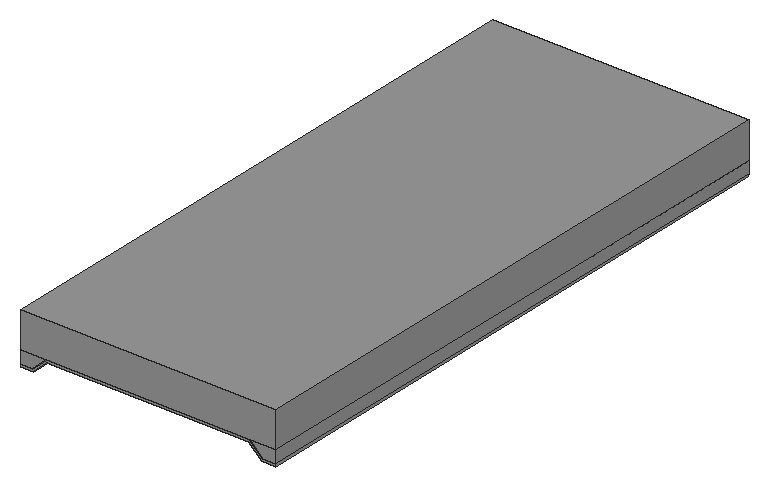
Revit family "闸室底板", category 常规模型, Revit 2019
Family settings
  可将钢筋附着到主体 = 否
  圆形连接件大小 = 使用直径
  零件类型 = 标准
  基于工作平面 = 否
  总是垂直 = 是
  加载时剪切的空心 = 否
  共享 = 否
  房间计算点 = 否
Parameters (values of type "C25")
  齿墙角度 = 45.00°
  齿墙宽度 = 600 mm
  齿墙厚度 = 600 mm
  齿墙 = 钢筋混凝土 C25
  底板长度 [instance] = 27800 mm
  底板宽度 [instance] = 12000 mm
  底板厚度 [instance] = 1700 mm
  底板 = 钢筋混凝土 C25
  垫层厚度 = 100 mm
  垫层 = 素混凝土 C25
  型号 = "LOCK_CHAMBER_BOTTOM_PLATE"  # constant formula
Reference planes
  plane 1 "中心(前/后)": y = 0
  plane 2: z = 0
  plane 3 "中心(左/右)": x = 0
  plane 4: y = 13900
  plane 5: y = -13900
  plane 6: x = -6000
  plane 7: x = 6000
  plane 8: z = -1700
  plane 9: z = -2300
  plane 10: x = -5400
  plane 11: z = -1800
Dimensions and locks
  "底板宽度": plane 6 to plane 7
  "底板长度": plane 4 to plane 5
  "底板厚度": level to plane 8
  "齿墙厚度": plane 8 to plane 9
  "齿墙宽度": plane 10 to plane 6
  "垫层厚度": plane 8 to plane 11
  "齿墙角度": angle plane 9 to nested 2
  aligned and locked: level to plane 2
  aligned and locked: nested 1 to plane 6
  aligned and locked: plane 7 to nested 1
  aligned and locked: nested 1 to plane 4
  aligned and locked: plane 5 to nested 1
  aligned and locked: nested 2 to plane 4
  aligned and locked: nested 2 to plane 5
  aligned and locked: nested 2 to plane 6
  aligned and locked: plane 7 to nested 2
  aligned and locked: plane 10 to nested 2  (x2)
  aligned and locked: nested 2 to plane 9  (x2)
  aligned and locked: nested 3 to plane 6
  aligned and locked: nested 3 to plane 7
  aligned and locked: plane 5 to nested 3
  aligned and locked: nested 3 to plane 4
  aligned and locked: nested 3 to plane 11
  aligned and locked: plane 8 to nested 3
  aligned and locked: plane 10 to nested 3
Nested families
  nested 1: "底板" at (0, 13900, 0), type "底板"
  nested 2: "齿墙" at (0, 13900, -1700), type "齿墙"
  nested 3: "垫层" at (0, 13900, -1700), type "垫层"
Definition of nested family "底板"
  Parameters (values of type "底板")
    底板长度 = 27800 mm
    底板宽度 = 12000 mm
    底板厚度 = 1700 mm
    底板 = none
  Reference planes
    plane 1 "中心(前/后)": y = 0
    plane 2: z = 0
    plane 3 "中心(左/右)": x = 0
    plane 4: x = -6000
    plane 5: x = 6000
    plane 6: z = -1700
    plane 7: y = -27800
  Forms (mm)
    Extrusion 1, solid, material <- "底板"
      sketch origin (0, 0, 0) x (1, 0, 0) y (0, 0, 1)
        loop
          line (-6000, 0) -> (-6000, -1700) -> (6000, -1700) -> (6000, 0) -> (-6000, 0)
      from 0 to 27800
  Dimensions and locks
    equal spacing: plane 5, plane 3 "中心(左/右)", plane 4
    "底板长度": plane 7 to plane 1 "中心(前/后)"
    "底板宽度": plane 5 to plane 4
    "底板厚度": level to plane 6
    aligned and locked: level to plane 2
    aligned and locked: plane 4 to Extrusion 1 sketch curve
    aligned and locked: Extrusion 1 sketch curve to plane 2
    aligned and locked: Extrusion 1 sketch curve to plane 5
    aligned and locked: plane 6 to Extrusion 1 sketch curve
    aligned and locked: Extrusion 1 sketch curve to plane 4
    aligned and locked: Extrusion 1 to plane 7
Definition of nested family "齿墙"
  Parameters (values of type "齿墙")
    齿墙角度 = 45.00°
    齿墙宽度 = 600 mm
    齿墙厚度 = 600 mm
    齿墙 = none
    底板长度 = 27800 mm
    底板宽度 = 12000 mm
    t1 = 齿墙厚度 / (tan(齿墙角度) * 1)  # 600 mm
  Reference planes
    plane 1 "中心(前/后)": y = 0
    plane 2: z = 0
    plane 3 "中心(左/右)": x = 0
    plane 4: z = -600
    plane 5: x = -6000
    plane 6: x = -5400
    plane 7: x = 6000
    plane 8: x = 5400
    plane 9: x = -4800
    plane 10: x = 4800
    plane 11: y = -27800
  Forms (mm)
    Extrusion 1, solid, material <- "齿墙"
      sketch origin (0, 0, 0) x (1, 0, 0) y (0, 0, 1)
        loop
          line (-6000, 0) -> (-6000, -600) -> (-5400, -600) -> (-4800, 0) -> (-6000, 0)
        loop
          line (6000, 0) -> (4800, 0) -> (5400, -600) -> (6000, -600) -> (6000, 0)
      from 0 to 27800
  Dimensions and locks
    equal spacing: plane 10, plane 3 "中心(左/右)", plane 9
    equal spacing: plane 8, plane 3 "中心(左/右)", plane 6
    equal spacing: plane 7, plane 3 "中心(左/右)", plane 5
    "齿墙厚度": plane 2 to plane 4
    "齿墙宽度": plane 6 to plane 5
    "底板宽度": plane 7 to plane 5
    "t1": plane 9 to plane 6
    "底板长度": plane 11 to plane 1 "中心(前/后)"
    "齿墙角度": angle plane 4 to Extrusion 1
    aligned and locked: level to plane 2
    aligned and locked: Extrusion 1 sketch curve to plane 5
    aligned and locked: Extrusion 1 sketch curve to plane 4  (x2)
    aligned and locked: plane 9 to Extrusion 1 sketch curve
    aligned and locked: plane 2 to Extrusion 1 sketch curve
    aligned and locked: Extrusion 1 sketch curve to plane 2  (x2)
    aligned and locked: plane 7 to Extrusion 1 sketch curve
    aligned and locked: plane 8 to Extrusion 1 sketch curve
    aligned and locked: Extrusion 1 to plane 11
  Automatic sketch dimensions
    Extrusion 1 sketch curve to plane 6 = 0 mm
    plane 10 to Extrusion 1 sketch curve = 0 mm
Definition of nested family "垫层"
  Parameters (values of type "垫层")
    齿墙角度 = 45.00°
    齿墙宽度 = 600 mm
    齿墙厚度 = 600 mm
    底板长度 = 27800 mm
    底板宽度 = 12000 mm
    垫层厚度 = 100 mm
    垫层 = none
    t2 = 垫层厚度 / (sin(齿墙角度) * 1) - 垫层厚度 / (tan(齿墙角度) * 1)  # 41.421 mm
    t1 = 齿墙厚度 / (tan(齿墙角度) * 1)  # 600 mm
  Reference planes
    plane 1 "中心(前/后)": y = 0
    plane 2: z = 0
    plane 3 "中心(左/右)": x = 0
    plane 4: z = -100
    plane 5: x = -6000
    plane 6: x = -5400
    plane 7: x = -4800
    plane 8: x = 6000
    plane 9: x = 5400
    plane 10: x = 4800
    plane 11: z = -600
    plane 12: z = -700
    plane 13: x = -5358.579
    plane 14: x = -4758.579
    plane 15: x = 4758.579
    plane 16: x = 5358.579
    plane 17: y = -27800
  Forms (mm)
    Extrusion 1, solid, material <- "垫层"
      sketch origin (0, 0, 0) x (1, 0, 0) y (0, 0, 1)
        loop
          line (-6000, -600) -> (-6000, -700) -> (-5358.579, -700) -> (-4758.579, -100) -> (4758.579, -100) -> (5358.579, -700) -> (6000, -700) -> (6000, -600) -> (5400, -600) -> (4800, 0) -> (-4800, 0) -> (-5400, -600) -> (-6000, -600)
      from 0 to 27800
  Dimensions and locks
    equal spacing: plane 10, plane 3 "中心(左/右)", plane 7
    equal spacing: plane 9, plane 3 "中心(左/右)", plane 6
    equal spacing: plane 8, plane 3 "中心(左/右)", plane 5
    "齿墙厚度": plane 2 to plane 11
    "垫层厚度": plane 2 to plane 4
    "垫层厚度": plane 11 to plane 12
    "t2": plane 13 to plane 6
    "t2": plane 14 to plane 7
    "底板宽度": plane 8 to plane 5
    equal spacing: plane 15, plane 3 "中心(左/右)", plane 14
    equal spacing: plane 16, plane 3 "中心(左/右)", plane 13
    "齿墙宽度": plane 6 to plane 5
    "t1": plane 7 to plane 6
    "底板长度": plane 17 to plane 1 "中心(前/后)"
    "齿墙角度": angle plane 11 to Extrusion 1
    aligned and locked: level to plane 2
    aligned and locked: Extrusion 1 to plane 17
    aligned and locked: plane 5 to Extrusion 1 sketch curve  (x2)
    aligned and locked: Extrusion 1 sketch curve to plane 11
    aligned and locked: Extrusion 1 sketch curve to plane 2
    aligned and locked: plane 11 to Extrusion 1 sketch curve
    aligned and locked: Extrusion 1 sketch curve to plane 12
    aligned and locked: plane 8 to Extrusion 1 sketch curve
    aligned and locked: Extrusion 1 sketch curve to plane 4
    aligned and locked: plane 12 to Extrusion 1 sketch curve
  Automatic sketch dimensions
    Extrusion 1 sketch curve to plane 6 = 0 mm
    Extrusion 1 sketch curve to plane 13 = 0 mm
    Extrusion 1 sketch curve to plane 7 = 0 mm
    Extrusion 1 sketch curve to plane 14 = 0 mm
    Extrusion 1 sketch curve to plane 15 = 0 mm
    plane 10 to Extrusion 1 sketch curve = 0 mm
    Extrusion 1 sketch curve to plane 16 = 0 mm
    plane 9 to Extrusion 1 sketch curve = 0 mm
